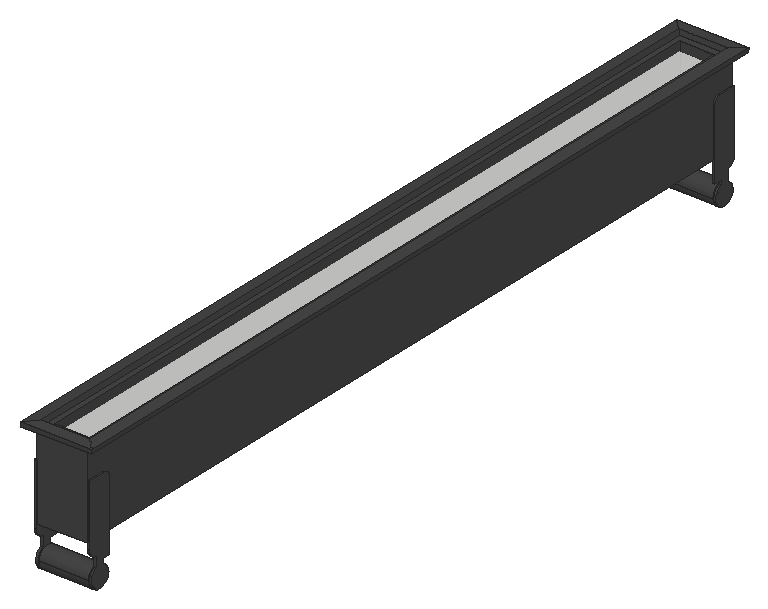
Revit family "Stenos 12in Downlight at 3500K, 55deg Beam, White", category Lighting Fixtures, host Face, Revit 2020
Family settings
  Host = Face
  Round Connector Dimension = Use Diameter
  Part Type = Normal
  OmniClass Number = 23.80.70.11.14.21
  OmniClass Title = Spots and Tracklight Specialties
  Cut with Voids When Loaded = No
  Light Source = Yes
  Shared = Yes
  Room Calculation Point = No
Parameters (values of type "SD-12-35K-SO-55-WH")
  Width = 0' - 0 53/64"  # constant formula
  Wattage Comments = "13 watts"
  Wattage = 3.25 W
  Warranty URL = "https://www.luminii.com/terms-conditions/"
  built-in parameter 1150110 = 1 (stored number, unit not read)
  Voltage Comments = "120-277VAC"
  Voltage = 24 V
  Version = "2020 - v1.0a"  # constant formula
  URL = "https://www.luminii.com/"
  built-in parameter 1114217 = 1 (stored number, unit not read)
  Tilt Angle = 0.00°
  built-in parameter 1150109 = 1 (stored number, unit not read)
  built-in parameter 1150134 = (empty or 0)
  built-in parameter 1150113 = 1 (stored number, unit not read)
  Support Phone = "224-699-9545"  # constant formula
  Support Email = "mailto:support@bimsmith.com"
  Product Page URL = "https://www.luminii.com/product/kendo-m/"
  Product Name = "Stenos Downlight"
  Product Documentation Link = "https://www.luminii.com/wp-content/uploads/z_special_catalog_products/products/stenos-downlight-black/specsheets/stenos_downlight_specifications.pdf"
  Power Source Type = "Driver"
  Power Factor = 1
  Photometric Web File = "SD-12-35K-SO-55-WH (calc).ies"
  Phase = 1
  Operating Temperature = ""
  Number of Poles = if(and(or(Voltage = 120 V, Voltage = 277 V), Phase = 1), 1, if(and(or(Voltage = 208 V, Voltage = 240 V), Phase = 1), 2, if(and(or(Voltage = 208 V, Voltage = 240 V), Phase = 3), 3, if(and(Voltage > 300 V, Phase = 1), 2, if(and(Voltage > 400 V, Phase = 3), 3, 1)))))  # 1
  Mounting Method = "Recessed"
  Model = "SD-12-35K-SO-55-WH"
  Manufacturer Phone Number = "224-333-6033"
  Manufacturer Email = "info@luminii.com"
  Manufacturer Address = "7777 N Merrimac Ave, Niles, IL 60714"
  Manufacturer = "Luminii"  # constant formula
  built-in parameter 1150105 = 208 (stored number, unit not read)
  Lumens = 208 lm
  built-in parameter 1150115 = 1 (stored number, unit not read)
  Lumen Output = "1260 Lumens"
  Load Classification = Lighting
  built-in parameter 1150137 = (empty or 0)
  built-in parameter 1150139 = (empty or 0)
  Lens Width = 0' - 0 133/256"  # constant formula
  Lens Material = Plastic - Luminii - Frosted Lens
  Length [instance] = 1' - 0"  # constant formula
  built-in parameter 1150112 = 1 (stored number, unit not read)
  built-in parameter 1150114 = 1 (stored number, unit not read)
  Lamp Life = 1
  Lamp = "LED"
  built-in parameter 1150132 = (empty or 0)
  built-in parameter 1150102 = (empty or 0)
  built-in parameter 1150107 = 3500 (stored number, unit not read)
  Initial Color Comments = "Perfomance based on 3500K Photometric Web File"  # constant formula
  built-in parameter 1150138 = (empty or 0)
  built-in parameter 1150106 = 2.08 (stored number, unit not read)
  Housing Protection Rating = "IP20 Dry/IP66 Wet Series"
  Has Dimming = 0 = 1  # no
  Has Battery Backup = 0 = 1  # no
  Frequency Comments = ""
  Frequency = 0 Hz
  Finish = Paint - Luminii - Black
  Environment = "Damp"
  Emit from Rectangle Width = 0' - 0.74865"
  Emit from Rectangle Length = 0' - 11 5/8"
  Emit Shape Visible in Rendering = yes
  built-in parameter 1150104 = 5.9458 (stored number, unit not read)
  Dimming Lamp Color Temperature Shift = <None>
  Description = "Linear Illumination System"  # constant formula
  Depth = 0' - 1 247/256"  # constant formula
  Default Elevation = 4' - 0"
  Current Amps = 0 A
  Copyright = "©2021"  # constant formula
  Color Filter = 16777215
  CRI = "97"
  CCT = "3500K"
  Beam Angle Control [instance] = if(Beam Angle < -30.00°, -120.00°, if(Beam Angle > 30.00°, -60.00°, Beam Angle - 90.00°))  # -85.00°
  Beam Angle Comments [instance] = "Input Value : +/- 30°"  # constant formula
  Beam Angle [instance] = 5.00°
  built-in parameter 1114218 = 1 (stored number, unit not read)
  built-in parameter 1150133 = 10 (stored number, unit not read)
  Assembly Code = "D5020230"
  Apparent Load = 120 VA
Reference planes (in)
  plane 1 "Center (Front/Back)": y = 0
  plane 2: z = 0
  plane 3 "Center (Left/Right)": x = 0
  plane 4: x = -0.41406
  plane 5: x = 0.41406
  plane 6: y = 6
  plane 7: y = -6
  plane 8: y = -6.09872
  plane 9: y = -5.81422
  plane 10: y = 5.82414
  plane 11: x = -0.25927
  plane 12: x = 0.26027
Forms (in)
  Extrusion 1, solid, not visible
    sketch origin (0, 0, 0) x (1, 0, 0) y (0, 1, 0)
      loop
        circle (0, 0) r 0.5
    from -0.01201 to -0.13107
  Extrusion 2, solid, material "Paint - Luminii - Black" <- "Finish", detail levels coarse+medium
    sketch origin (0, -1.62187, 0) x (1, 0, 0) y (0, 1, 0)
      loop
        line (-0.53122, 7.74035) -> (-0.53122, -4.47685) -> (0.53131, -4.47685) -> (0.53131, 7.74035) -> (-0.53122, 7.74035)
      loop
        line (-0.37577, -4.28) -> (0.37577, -4.28) -> (0.37577, 7.55335) -> (-0.37577, 7.55335) -> (-0.37577, -4.28)
    from 0 to -0.13107
  Extrusion 3, solid, material "Paint - Luminii - Black" <- "Finish"
    sketch origin (0, -1.62187, 0) x (1, 0, 0) y (0, 1, 0)
      loop
        line (-0.37577, -4.37813) -> (0.37577, -4.37813) -> (0.37577, 7.62187) -> (-0.37577, 7.62187) -> (-0.37577, -4.37813)
      loop
        line (0.26027, -4.19235) -> (0.26027, 7.44601) -> (-0.25927, 7.44601) -> (-0.25927, -4.19235) -> (0.26027, -4.19235)
    from 0 to -1.29114
  Extrusion 4, solid, material "Paint - Luminii - Black" <- "Finish"
    sketch origin (-0.37577, -6, 0) x (0, 1, 0) y (0, 0, -1)
      loop
        line (0.35433, 1.58641) -> (0.23622, 1.58641) -> (0.23622, 1.65737)
        arc (0.23622, 1.65737) -> (0.18722, 1.96342) -> (0.11811, 1.66128) r 0.15787
        line (0.11811, 1.66128) -> (0.11811, 1.49783)
        arc (0.11811, 1.49783) -> (0.03459, 1.46324) -> (0, 1.37972) r 0.11811
        line (0, 1.37972) -> (0, 0.44313) -> (0.25578, 0.44313)
        arc (0.25578, 0.44313) -> (0.32547, 0.472) -> (0.35433, 0.54168) r 0.09855
        line (0.35433, 0.54168) -> (0.35433, 1.58641)
      loop
        line (11.64567, 1.58641) -> (11.64567, 0.54168)
        arc (11.64567, 0.54168) -> (11.67453, 0.472) -> (11.74422, 0.44313) r 0.09855
        line (11.74422, 0.44313) -> (12, 0.44313) -> (12, 1.37972)
        arc (12, 1.37972) -> (11.96541, 1.46324) -> (11.88189, 1.49783) r 0.11811
        line (11.88189, 1.49783) -> (11.88189, 1.66128)
        arc (11.88189, 1.66128) -> (11.81278, 1.96342) -> (11.76378, 1.65737) r 0.15787
        line (11.76378, 1.65737) -> (11.76378, 1.58641) -> (11.64567, 1.58641)
    from 0 to 0.0383
  Extrusion 5, solid, material "Paint - Luminii - Black" <- "Finish"
    sketch origin (0.37509, -5.95469, 0) x (0, 1, 0) y (0, 0, 1)
      loop
        line (0.30902, -1.58641) -> (0.30902, -0.54168)
        arc (0.30902, -0.54168) -> (0.28015, -0.472) -> (0.21047, -0.44313) r 0.09855
        line (0.21047, -0.44313) -> (-0.04531, -0.44313) -> (-0.04531, -1.37972)
        arc (-0.04531, -1.37972) -> (-0.01072, -1.46324) -> (0.0728, -1.49783) r 0.11811
        line (0.0728, -1.49783) -> (0.0728, -1.66128)
        arc (0.0728, -1.66128) -> (0.14191, -1.96342) -> (0.19091, -1.65737) r 0.15787
        line (0.19091, -1.65737) -> (0.19091, -1.58641) -> (0.30902, -1.58641)
      loop
        line (11.60036, -1.58641) -> (11.71847, -1.58641) -> (11.71847, -1.65737)
        arc (11.71847, -1.65737) -> (11.76747, -1.96342) -> (11.83658, -1.66128) r 0.15787
        line (11.83658, -1.66128) -> (11.83658, -1.49783)
        arc (11.83658, -1.49783) -> (11.92009, -1.46324) -> (11.95469, -1.37972) r 0.11811
        line (11.95469, -1.37972) -> (11.95469, -0.44313) -> (11.69891, -0.44313)
        arc (11.69891, -0.44313) -> (11.62922, -0.472) -> (11.60036, -0.54168) r 0.09855
        line (11.60036, -0.54168) -> (11.60036, -1.58641)
    from 0 to 0.03897
  Extrusion 6, solid, material "Paint - Luminii - Black" <- "Finish"
    sketch origin (-0.37577, -6, 0) x (0, -1, 0) y (0, 0, -1)
      loop
        circle (-0.182, 1.80564) r 0.15787
    from 0 to 0.75018
  Extrusion 7, solid, material "Paint - Luminii - Black" <- "Finish"
    sketch origin (-0.37577, 6.08594, 0) x (0, 1, 0) y (0, 0, 1)
      loop
        circle (-0.26794, -1.80564) r 0.15787
    from 0 to 0.75018
  Sweep 8, solid, material "Paint - Luminii - Black" <- "Finish", detail levels fine
    path origin (0, 0, 0) x (1, 0, 0) y (0, 1, 0)
      loop
        line (-0.41406, 6) -> (-0.41406, -6) -> (0.41406, -6) -> (0.41406, 6) -> (-0.41406, 6)
    profile origin (-0.41406, 0, 0) x (1, 0, 0) y (0, 0, 1)
      loop
        line (-0.11811, 0.05798) -> (-0.11304, 0) -> (0, 0.02403) -> (0, -0.01201) -> (0.06143, -0.01201) -> (0.04804, 0.07251) -> (-0.11811, 0.05798)
  Extrusion 9, solid, material "Plastic - Luminii - Frosted Lens" <- "Lens Material"
    sketch origin (0, 0, 0) x (1, 0, 0) y (0, 0, 1)
      loop
        line (-0.25927, -0.25) -> (0.26027, -0.25) -> (0.26027, -0.13107) -> (-0.25927, -0.13107) -> (-0.25927, -0.25)
    from -5.82414 to 5.81422
  Extrusion 10, void
    sketch origin (0, 0, 0) x (1, 0, 0) y (0, 1, 0)
      loop
        line (-0.41406, -6) -> (0.41406, -6) -> (0.41406, 6) -> (-0.41406, 6) -> (-0.41406, -6)
    from 0 to -0.54563
Lines and regions (in)
  reference lines
    curve 1: line (-0.25977, 0, -0.13107) -> (0.26027, 0, -0.13107)
    curve 2: line (0, 0, -0.13107) -> (0, 0, 0.91387)
    curve 3: line (-0.37577, 14.28797, -1.96484) -> (-0.37577, -16.46203, -1.96484)
    curve 4: line (0.53131, 6.11848, 0) -> (-1.97004, 6.11848, 0)
Dimensions and locks (in)
  equal spacing: plane 4, plane 3 "Center (Left/Right)", plane 5
  equal spacing: plane 6, plane 1 "Center (Front/Back)", plane 7
  plane 4 to plane 5 = 0' - 0 53/64"
  "Width": plane 5 to plane 4
  "Length": plane 6 to plane 7
  "Depth": plane 2 to curve 3
  locked: curve 4 to plane 10 at 0.29435
  locked: plane 6 to plane 10 at 0.17586
  locked: plane 8 to plane 9 at 0.2845
  locked: plane 8 to plane 7 at 0.09872
  "Lens Width": plane 11 to plane 12
  plane 11 to plane 3 "Center (Left/Right)" to plane 12 = 0' - 0.25927" locked, 0' - 0.26027" locked
  plane 9 to plane 10 = 0' - 11.63836"
  Extrusion 3 to plane 6 = 0' - 0.17586"
  locked: curve 1 to imposter light (angle 90.00°)
  angle Extrusion 9 sketch curve to Extrusion 2 = 90.00°
  aligned and locked: plane 2 to host face
  aligned and locked: level to host face
  aligned and locked: Extrusion 2 to curve 1
  aligned and locked: Extrusion 4 to plane 4
  aligned and locked: plane 5 to Extrusion 5
  aligned and locked: plane 6 to Extrusion 3
  aligned and locked: Extrusion 3 to plane 7
  aligned and locked: imposter light to plane 1 "Center (Front/Back)"
  aligned and locked: Sweep 8 sketch curve to plane 6
  aligned and locked: Sweep 8 sketch curve to plane 5
  aligned and locked: Sweep 8 sketch curve to plane 4
  aligned and locked: Sweep 8 sketch curve to plane 7
  aligned and locked: Extrusion 3 to plane 9
  aligned and locked: plane 8 to Extrusion 2
  aligned and locked: plane 12 to Extrusion 3
  aligned and locked: plane 11 to Extrusion 3
  aligned and locked: Extrusion 9 to Extrusion 3
  aligned and locked: Extrusion 9 sketch curve to curve 1
Automatic sketch dimensions
  host sketch curve to host sketch curve = 8' - 0"  (x2)
  plane 1 "Center (Front/Back)" to Extrusion 1 sketch curve = 0' - 0"
  Extrusion 1 sketch curve to plane 3 "Center (Left/Right)" = 0' - 0"
  Extrusion 2 sketch curve to plane 4 = 0' - 0.11715"
  plane 4 to Extrusion 2 sketch curve = 0' - 0.0383"
  Extrusion 2 sketch curve to plane 5 = 0' - 0.0383"
  plane 5 to Extrusion 2 sketch curve = 0' - 0.11725"
  Extrusion 2 sketch curve to plane 7 = 0' - 0.09872"
  plane 7 to Extrusion 2 sketch curve = 0' - 0.09813"
  Extrusion 2 sketch curve to plane 6 = 0' - 0.06852"
  plane 6 to Extrusion 2 sketch curve = 0' - 0.11848"
  Extrusion 3 sketch curve to plane 6 = 0' - 0"
  Extrusion 3 sketch curve to plane 7 = 0' - 0"
  plane 4 to Extrusion 3 sketch curve = 0' - 0.0383"
  Extrusion 3 sketch curve to plane 5 = 0' - 0.0383"
  Extrusion 4 sketch curve to Extrusion 3 = 0' - 0"  (x2)
  Extrusion 3 to Extrusion 4 sketch curve = 0' - 0.11811"
  Extrusion 4 sketch curve to Extrusion 4 sketch curve = 0' - 0.06389"
  Extrusion 4 sketch curve to Extrusion 4 sketch curve = 0' - 0.11811"  (x2)
  Extrusion 3 to Extrusion 4 sketch curve = 0' - 0.25578"
  Extrusion 4 sketch curve to Extrusion 4 sketch curve = 0' - 0.09855"  (x2)
  Extrusion 4 sketch curve to Extrusion 3 = 0' - 0.35433"
  Extrusion 4 sketch curve to Extrusion 4 sketch curve = 0' - 0.05422"
  Extrusion 4 sketch curve to Extrusion 3 = 0' - 0.11811"
  Extrusion 3 to Extrusion 4 sketch curve = 0' - 0.44313"  (x2)
  Extrusion 4 sketch curve to Extrusion 3 = 0' - 0.08858"  (x2)
  Extrusion 4 sketch curve to Extrusion 4 sketch curve = 0' - 0.08858"  (x2)
  Extrusion 4 sketch curve to Extrusion 4 sketch curve = 0' - 0.07096"  (x2)
  Extrusion 4 sketch curve to Extrusion 4 sketch curve = 0' - 0 1/256"  (x2)
  Extrusion 5 sketch curve to plane 7 = 0' - 0"
  Extrusion 5 sketch curve to plane 6 = 0' - 0"
  plane 7 to Extrusion 5 sketch curve = 0' - 0.11811"
  Extrusion 5 sketch curve to Extrusion 5 sketch curve = 0' - 0.06389"
  Extrusion 5 sketch curve to Extrusion 5 sketch curve = 0' - 0.11811"  (x2)
  plane 7 to Extrusion 5 sketch curve = 0' - 0.25578"
  Extrusion 5 sketch curve to Extrusion 5 sketch curve = 0' - 0.09855"  (x2)
  Extrusion 5 sketch curve to plane 6 = 0' - 0.35433"
  Extrusion 5 sketch curve to Extrusion 5 sketch curve = 0' - 0.05422"
  Extrusion 5 sketch curve to plane 6 = 0' - 0.11811"
  Extrusion 5 sketch curve to level = 0' - 1.80564"  (x2)
  Extrusion 5 sketch curve to Extrusion 5 sketch curve = 0' - 0.14436"  (x2)
  Extrusion 5 sketch curve to Extrusion 5 sketch curve = 0' - 0.07096"  (x2)
  Extrusion 5 sketch curve to Extrusion 5 sketch curve = 0' - 0.08858"  (x2)
  Extrusion 5 sketch curve to level = 0' - 0.54168"  (x2)
  plane 4 to Extrusion 3 sketch curve = 0' - 0.1548"
  Extrusion 3 sketch curve to plane 5 = 0' - 0.1538"
  plane 7 to Extrusion 3 sketch curve = 0' - 0.18578"
  Extrusion 3 sketch curve to plane 6 = 0' - 0.17586"
  Sweep 8 sketch curve to level = 0' - 0"
  profile plane to Sweep 8 sketch curve = 0' - 0"
  Sweep 8 sketch curve to profile plane = 0' - 0.04804"
  Sweep 8 sketch curve to level = 0' - 0.01201"
  level to Sweep 8 sketch curve = 0' - 0.07251"
  Sweep 8 sketch curve to Sweep 8 sketch curve = 0' - 0.00507"
  level to Sweep 8 sketch curve = 0' - 0.05798"
  Sweep 8 sketch curve to profile plane = 0' - 0.06143"
  level to Sweep 8 sketch curve = 0' - 0.02403"
  curve 4 to plane 4 = 0' - 1.55598"
  plane 5 to curve 4 = 0' - 0.11725"
  curve 2 to plane 3 "Center (Left/Right)" = 0' - 0"
  curve 1 to plane 12 = 0' - 0"
  curve 1 to level = 0' - 0.13107"
  curve 1 to plane 11 = 0' - 0.0005"
  curve 2 to curve 2 = 0' - 1.04494"
  Extrusion 9 sketch curve to plane 11 = 0' - 0"
  Extrusion 9 sketch curve to level = 0' - 0 1/4"
  Extrusion 9 sketch curve to plane 12 = 0' - 0"
  Extrusion 10 sketch curve to plane 4 = 0' - 0"
  Extrusion 10 sketch curve to plane 5 = 0' - 0"
  Extrusion 10 sketch curve to plane 7 = 0' - 0"
  Extrusion 10 sketch curve to plane 6 = 0' - 0"
  curve 3 to curve 3 = 2' - 6 3/4"
  radius of Extrusion 1 sketch curve = 0' - 0 1/2"
  radius of Extrusion 6 sketch curve to Extrusion 4 = 0' - 0"
  radius of Extrusion 7 sketch curve to Extrusion 4 = 0' - 0"
Connectors (in)
  electrical at (0, 0, -0.01201), driven by "Number of Poles", driven by "Load Classification", driven by "Voltage", driven by "Apparent Load", driven by "Power Factor"
    settings: on Extrusion 1, index 1, voltage 24 V, apparent load 120 VA, apparent load phase1 0 VA, apparent load phase2 0 VA, apparent load phase3 0 VA, power factor 1, load classification "Lighting", number of poles 1, system type 30, power factor state 1, is connector primary yes, connector utility no, sub classification motor no, connector description "Power Connection"
